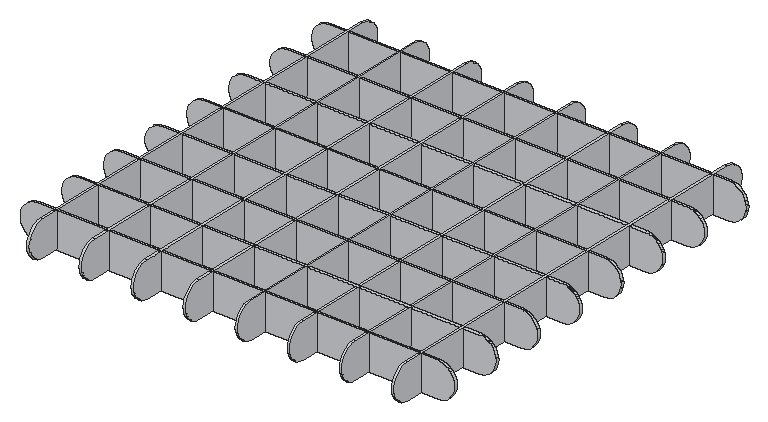
Revit family "J2 PET Felt Capsule Cloud Grid", category Specialty Equipment, Revit 2021
Family settings
  Round Connector Dimension = Use Diameter
  Part Type = Normal
  Work Plane-Based = No
  Always vertical = Yes
  Cut with Voids When Loaded = No
  Shared = No
  Room Calculation Point = No
Parameters (values of type "Capsule Cloud Grid 8'x8'x7 3/4"")
  Nominal Width "Y" (Max. 8') = 8' - 0"
  URL = "https://www.j2systems.net/"
  Symbol Name = "CSCGCA"
  Style Number = "CSCGCA"
  Release Date = "2019"
  Product Line = "Ceiling System"
  Felt Color B [instance] = none
  Default End Spacing = [Baffle Height (Max. 3'-11")]  # 0' - 7 3/4"
  Default End Radius = [Baffle Height (Max. 3'-11")] / 2  # 0' - 3 7/8"
  Baffles in "Y" direction = 8
  Baffles in "X" direction = 8
  Model = "Capsule Cloud Grid"
  Manufacturer = "J2 Systems"  # constant formula
  Nominal Length "X" (Max. 8') = 8' - 0"
  Felt Color A [instance] = none
  Default Elevation = 0' - 0"
  Baffle Spacing "Y" direction [instance] = 1' - 0"
  Baffle Spacing "X" direction [instance] = 1' - 0"
  Baffle Height (Max. 3'-11") = 0' - 7 3/4"
Types (2): name | Nominal Width "Y" (Max. 8') | Baffles in "Y" direction | Baffles in "X" direction | Nominal Length "X" (Max. 8')
  Capsule Cloud Grid 8'x8'x7 3/4" | 8' - 0" | 8 | 8 | 8' - 0"
  Capsule Cloud Grid 4'x4'x7 3/4" | 4' - 0" | 4 | 4 | 4' - 0"
Reference planes (in)
  plane 1 "Center (Front/Back)": y = 0
  plane 2: z = 0
  plane 3 "Center (Left/Right)": x = 0
  plane 4: y = 48
  plane 5: y = -48
  plane 6: x = -48
  plane 7: x = 48
  plane 8 "Top Edge": z = 7.75
  plane 9: y = 40.25
  plane 10: y = -40.25
  plane 11: x = -40.25
  plane 12: x = 40.25
Dimensions and locks (in)
  equal spacing: plane 4, plane 1 "Center (Front/Back)", plane 5
  equal spacing: plane 6, plane 3 "Center (Left/Right)", plane 7
  "Nominal Length "X" (Max. 8')": plane 4 to plane 5
  "Nominal Width "Y" (Max. 8')": plane 6 to plane 7
  "Baffle Height (Max. 3'-11")": plane 8 "Top Edge" to level
  "Default End Spacing": plane 4 to plane 9
  "Default End Spacing": plane 10 to plane 5
  "Default End Spacing": plane 6 to plane 11
  "Default End Spacing": plane 12 to plane 7
  equal spacing: group 1, group 3, group 4, group 9, group 10, group 11, group 12, group 2  (x3)
  equal spacing: group 5, group 7, group 8, group 13, group 14, group 15, group 16, group 6  (x3)
  aligned and locked: plane 2 to level
  aligned and locked: nested 1 to plane 11
  aligned and locked: nested 2 to plane 12
  aligned and locked: nested 5 to plane 10
  aligned and locked: nested 6 to plane 9
Nested families (in)
  nested 1: "J2 PET Felt Capsule Baffle A" at (-40.25, 0, 0) x (0, -1, 0) z (0, 0, 1), type "Capsule Baffle A"
  nested 2: "J2 PET Felt Capsule Baffle A" at (40.25, 0, 0) x (0, -1, 0) z (0, 0, 1), type "Capsule Baffle A"
  nested 3: "J2 PET Felt Capsule Baffle A" at (-28.75, 0, 0) x (0, -1, 0) z (0, 0, 1), type "Capsule Baffle A"
  nested 4: "J2 PET Felt Capsule Baffle A" at (-17.25, 0, 0) x (0, -1, 0) z (0, 0, 1), type "Capsule Baffle A"
  nested 5: "J2 PET Felt Capsule Baffle B" at (0, -40.25, 0), type "Capsule Baffle B"
  nested 6: "J2 PET Felt Capsule Baffle B" at (0, 40.25, 0), type "Capsule Baffle B"
  nested 7: "J2 PET Felt Capsule Baffle B" at (0, -28.75, 0), type "Capsule Baffle B"
  nested 8: "J2 PET Felt Capsule Baffle B" at (0, -17.25, 0), type "Capsule Baffle B"
  nested 9: "J2 PET Felt Capsule Baffle A" at (-5.75, 0, 0) x (0, -1, 0) z (0, 0, 1), type "Capsule Baffle A"
  nested 10: "J2 PET Felt Capsule Baffle A" at (5.75, 0, 0) x (0, -1, 0) z (0, 0, 1), type "Capsule Baffle A"
  nested 11: "J2 PET Felt Capsule Baffle A" at (17.25, 0, 0) x (0, -1, 0) z (0, 0, 1), type "Capsule Baffle A"
  nested 12: "J2 PET Felt Capsule Baffle A" at (28.75, 0, 0) x (0, -1, 0) z (0, 0, 1), type "Capsule Baffle A"
  nested 13: "J2 PET Felt Capsule Baffle B" at (0, -5.75, 0), type "Capsule Baffle B"
  nested 14: "J2 PET Felt Capsule Baffle B" at (0, 5.75, 0), type "Capsule Baffle B"
  nested 15: "J2 PET Felt Capsule Baffle B" at (0, 17.25, 0), type "Capsule Baffle B"
  nested 16: "J2 PET Felt Capsule Baffle B" at (0, 28.75, 0), type "Capsule Baffle B"
Definition of nested family "J2 PET Felt Capsule Baffle A"
  Parameters (values of type "Capsule Baffle A")
    URL = "https://www.j2systems.net/"
    Symbol Name = "CSBGCA"
    Style Number = "CSBGCA"
    Release Date = "2019"
    Product Line = "Ceiling System"
    Model = "Capsule Baffle Single"
    Manufacturer = "J2 Systems"  # constant formula
    Radius = [Baffle Height (Max. 3'-11")] / 2  # 0' - 3 7/8"
    Baffle Length (Max. 7'-11") = 8' - 0"
    Felt Color = none
    Default Elevation = 0' - 0"
    Baffle Height (Max. 3'-11") = 0' - 7 3/4"
  Reference planes (in)
    plane 1 "Center (Front/Back)": y = 0
    plane 2: z = 0
    plane 3 "Center (Left/Right)": x = 0
    plane 4: y = 0.25
    plane 5: y = -0.25
    plane 6: x = -48
    plane 7: x = 48
    plane 8: z = 7.75
    plane 9: z = 3.875
    plane 10: x = -44.125
    plane 11: x = 44.125
  Forms (in)
    Extrusion 1, solid, material <- "Felt Color"
      sketch origin (0, 0, 0) x (1, 0, 0) y (0, 0, 1)
        loop
          arc (-44.125, 7.75) -> (-48, 3.875) -> (-44.125, 0) r 3.875
          line (-44.125, 0) -> (44.125, 0)
          arc (44.125, 0) -> (48, 3.875) -> (44.125, 7.75) r 3.875
          line (44.125, 7.75) -> (-44.125, 7.75)
      from -0.25 to 0.25
  Dimensions and locks (in)
    equal spacing: plane 6, plane 3 "Center (Left/Right)", plane 7
    "Baffle Length (Max. 7'-11")": plane 6 to plane 7
    "Baffle Height (Max. 3'-11")": plane 8 to level
    equal spacing: plane 8, plane 9, level
    "Radius": plane 10 to plane 6
    "Radius": plane 7 to plane 11
    aligned and locked: plane 2 to level
    aligned and locked: Extrusion 1 sketch curve to plane 8
    aligned and locked: level to Extrusion 1 sketch curve
    aligned and locked: plane 11 to Extrusion 1 sketch curve  (x2)
    aligned and locked: plane 10 to Extrusion 1 sketch curve
Definition of nested family "J2 PET Felt Capsule Baffle B"
  Parameters (values of type "Capsule Baffle B")
    URL = "https://www.j2systems.net/"
    Symbol Name = "CSBGCA"
    Style Number = "CSBGCA"
    Release Date = "2019"
    Product Line = "Ceiling System"
    Model = "Capsule Baffle Single"
    Manufacturer = "J2 Systems"  # constant formula
    Radius = [Baffle Height (Max. 3'-11")] / 2  # 0' - 3 7/8"
    Baffle Length (Max. 7'-11") = 8' - 0"
    Felt Color = none
    Default Elevation = 0' - 0"
    Baffle Height (Max. 3'-11") = 0' - 7 3/4"
  Reference planes (in)
    plane 1 "Center (Front/Back)": y = 0
    plane 2: z = 0
    plane 3 "Center (Left/Right)": x = 0
    plane 4: y = 0.25
    plane 5: y = -0.25
    plane 6: x = -48
    plane 7: x = 48
    plane 8: z = 7.75
    plane 9: z = 3.875
    plane 10: x = -44.125
    plane 11: x = 44.125
  Forms (in)
    Extrusion 1, solid, material <- "Felt Color"
      sketch origin (0, 0, 0) x (1, 0, 0) y (0, 0, 1)
        loop
          arc (-44.125, 7.75) -> (-48, 3.875) -> (-44.125, 0) r 3.875
          line (-44.125, 0) -> (44.125, 0)
          arc (44.125, 0) -> (48, 3.875) -> (44.125, 7.75) r 3.875
          line (44.125, 7.75) -> (-44.125, 7.75)
      from -0.25 to 0.25
  Dimensions and locks (in)
    equal spacing: plane 6, plane 3 "Center (Left/Right)", plane 7
    "Baffle Length (Max. 7'-11")": plane 6 to plane 7
    "Baffle Height (Max. 3'-11")": plane 8 to level
    equal spacing: plane 8, plane 9, level
    "Radius": plane 10 to plane 6
    "Radius": plane 7 to plane 11
    aligned and locked: plane 2 to level
    aligned and locked: Extrusion 1 sketch curve to plane 8
    aligned and locked: level to Extrusion 1 sketch curve
    aligned and locked: plane 11 to Extrusion 1 sketch curve  (x2)
    aligned and locked: plane 10 to Extrusion 1 sketch curve
